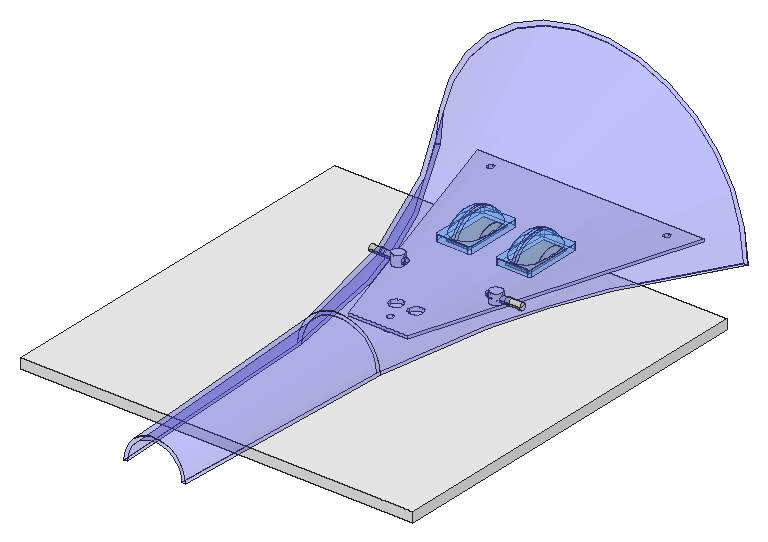
Revit family "BE_50133_de_DE", category Leuchten, Revit 2020
Family settings
  Basisbauteil = Fläche
  Bemaßung runder Anschluss = Durchmesser verwenden
  Teiletyp = Normal
  Beim Laden mit Abzugskörper schneiden = Ja
  Lichtquelle = Ja
  Gemeinsam genutzt = Nein
  Raumberechnungspunkt = Ja
Parameters (values of type "BEGA_50133_K3")
  built-in parameter 1150104 = 8.8258 (stored number, unit not read)
  Wattage = 32 W
  Default Elevation = 0 mm
  built-in parameter 1150113 = 1 (stored number, unit not read)
  built-in parameter 1114218 = 1 (stored number, unit not read)
  Umgebungstemperatur = "25 °C"
  URL = "https://www.bega.com/de/produkt/50133"
  Typenkommentare = "© 2022 BEGA. Wir behalten uns das Recht vor, technische Änderungen ohne vorherige Ankündigung vorzunehmen."  # constant formula
  built-in parameter 1150134 = (empty or 0)
  built-in parameter 1150109 = 1 (stored number, unit not read)
  Strom = ""
  built-in parameter 1150110 = 1 (stored number, unit not read)
  Spannung = 230 V
  Sonderanfertigung = no
  Seriennummer [instance] = "Hier können Sie die eindeutige Seriennummer für das Facility Management eintragen."
  Schutzklasse = "I"
  Schutzart = "IP 20"
  Scheinlast = 0 VA
  Produktdatenblatt = "https://cdn.bega.com/bega/products/50133K3/current/documents/data-sheets/de"
  Oberflächentemperatur = ""
  Neigungswinkel = 0.00°
  Modell = "50133K3"
  Material_17 = BEGA_Reflektor
  Material_15 = BEGA_Leuchtmedium_matt
  Material_12 = BEGA_Kunststoff_klar
  Material_11 = BEGA_Glas_opal
  Material_09 = BEGA_Glas_klar
  Material_06 = BEGA_Oberfläche_Edelstahl_gebürstet
  Material_05 = BEGA_Oberfläche_Aluminium Guss
  Material_03 = BEGA_Oberfläche_Weiss_matt
  Material_02 = BEGA_Oberfläche_Silber_matt
  Material_01 [instance] = BEGA_Oberfläche_Grafit_matt
  M_W = no
  M_G = no
  M_A = no
  Logo = 0
  built-in parameter 1114217 = 1 (stored number, unit not read)
  built-in parameter 1150139 = (empty or 0)
  built-in parameter 1150105 = 241.92 (stored number, unit not read)
  built-in parameter 1150114 = 1 (stored number, unit not read)
  Lumens = 3040 lm
  built-in parameter 1150115 = 1 (stored number, unit not read)
  Leuchtenlichtstrom = "2252 lm"
  Leuchtenanzahl = ""
  Lebensdauerkriterien = "L70B50 @ 25 °C = 79000 h"
  Lastklassifizierung = Beleuchtung
  built-in parameter 1150112 = 1 (stored number, unit not read)
  Lampenlichtstrom = "2640 lm"
  Lampe = "LED 28 W"
  LED_Modulbezeichnung = "2x LED-1246/930"
  Hersteller = "BEGA"  # constant formula
  Halbstreuwinkel = ""
  Gewicht = "1.85 kg"
  Gebrauchslageneinschränkung [instance] = ""
  Frequenz = "50/60 Hz"
  Farbwiedergabeindex = "CRI > 90"
  Farbtemperaturverschiebung bei Dämpfen der Lampe = <Keine Auswahl>
  Farbtemperatur = "3000 K"
  Color Filter = 16777215
  built-in parameter 1150133 = 10 (stored number, unit not read)
  Energieeffizienzklasse = "LED A++ - A"
  built-in parameter 1150137 = (empty or 0)
  built-in parameter 1150132 = (empty or 0)
  ENEC = "ja"
  Dimmbar [instance] = "Phasenan- oder -abschnittdimmer"
  Datei für fotometrisches Netz = "BE_50133K3.IES"
  CE_Konformität = "ja"
  Bestellnummer = "50133K3"
  Beschreibung_Sonderanfertigung = "Hier können Sie Informationen zur Sonderanfertigung eintragen."
  Beschreibung = "Wandleuchte"
  built-in parameter 1150106 = 2.4192 (stored number, unit not read)
  Befestigungsbohrung = "Ø 6,5 mm"
  Befestigungsabstand = "180 x 240 mm"
  Ballwurfsicher = ""
  BEGA_Intern_aus = yes
  BEGA_Intern_an = yes
  BEGA_Intern_Konstruktion = yes
  BEGA_Intern = yes
  BEGA_IES = yes
  BEGA_Dummy = no
  Anschlussleitung = ""
  Anschlussleistung [instance] = "28 W"
  Anschlusskasten = ""
  built-in parameter 1150107 = 3000 (stored number, unit not read)
  built-in parameter 1150102 = (empty or 0)
  built-in parameter 1150138 = (empty or 0)
  Aktualisierung = "2022-05-18T04:00:07"
  Abstand_zur_angestrahlten_Fläche [instance] = ""
  AC/DC = "AC"
Reference planes
  plane 1 "Mitte (Vorne/Hinten)": y = 0
  plane 2: z = 0
  plane 3 "Mitte (Links/Rechts)": x = 0
  plane 4 "Links": x = -159
  plane 5 "Rechts": x = 159
  plane 6 "Unten": y = -278.5
  plane 7 "Oben": y = 278.5
  plane 8 "Vorne": z = 159
  plane 9 "Hinten": z = 0
Forms (mm)
  Extrusion 1, solid, material "BEGA_Platte_Weiss"
    sketch origin (0, -1119.2, 0) x (1, 0, 0) y (0, 1, 0)
      loop
        line (-200, 1319.2) -> (-200, 919.2) -> (200, 919.2) -> (200, 1319.2) -> (-200, 1319.2)
    from 0 to -10
  Extrusion 2, solid, material "BEGA_Dummy_matt", visible <- "BEGA_Dummy"
    sketch origin (80.095, -76.023, 0) x (1, 0, 0) y (0, 1, 0)
      loop
        line (-239.095, 354.523) -> (-239.095, -202.477) -> (78.905, -202.477) -> (78.905, 354.523) -> (-239.095, 354.523)
    from 0 to 159
Dimensions and locks
  plane 1 "Mitte (Vorne/Hinten)" to Extrusion 1 = 200 mm
  aligned and locked: plane 2 to Extrusion 1
  aligned and locked: level to Extrusion 1
Nested families
  nested 1: "BE_50133" at (0, 0, 0), type "BE_50133"
Connectors
  electrical at (0, 0, 0), driven by "Lastklassifizierung", driven by "Spannung", driven by "Scheinlast"
    settings: index 1, voltage 230 V, apparent load 0 VA, apparent load phase1 0 VA, apparent load phase2 0 VA, apparent load phase3 0 VA, power factor 1, load classification "Beleuchtung", number of poles 1, system type 31, power factor state 1, is connector primary yes, connector utility no, sub classification motor no, connector description ""
Definition of nested family "BE_50133"
  Parameters (values of type "BE_50133")
    Default Elevation = 1 mm
    URL = "http://www.bega.de/de/produkt"
    Type Comments = "© 2015 BEGA. Wir behalten uns das Recht vor, technische Änderungen ohne vorherige Ankündigung vorzunehmen. "  # constant formula
    Type Image = (empty or 0)
    Neigungswinkel_um_Z2 = 0.00°
    Neigungswinkel_um_Z1 = 0.00°
    Neigungswinkel_um_Y2 = 0.00°
    Neigungswinkel_um_Y1 = 0.00°
    Neigungswinkel_um_X2 = 0.00°
    Neigungswinkel_um_X1 = 0.00°
    Material_17 = none
    Material_15 = none
    Material_12 = none
    Material_11 = none
    Material_09 = none
    Material_06 = none
    Material_05 = none
    Material_03 = none
    Material_02 = none
    Material_01 = none
    M_W = yes
    M_G = yes
    M_A = yes
    Länge_Platte = 500 mm  # constant formula
    Höhe_Platte = -10 mm  # constant formula
    Manufacturer = "BEGA"  # constant formula
    Drehwinkel_um_Z2 = 0.00°
    Drehwinkel_um_Z1 = 0.00°
    Breite_Platte = 700 mm  # constant formula
  Reference planes
    plane 1 "Mitte (Oben/Unten)": y = 0
    plane 2: z = 0
    plane 3 "Mitte (Links/Rechts)": x = 0
    plane 4: x = -159
    plane 5: z = 159
    plane 6: x = 159
    plane 7: y = -278.5
    plane 8: y = 278.5
  Forms (mm)
    Extrusion 1, solid, detail levels medium
      sketch origin (0, 0, 0) x (1, 0, 0) y (0, 1, 0)
        loop
          line (-250, 350) -> (-250, -350) -> (250, -350) -> (250, 350) -> (-250, 350)
      from 0 to -10 <- "Höhe_Platte"
    Revolve 2, solid, material <- "Material_11", detail levels medium+fine
      sketch origin (0, 0, 0) x (0, 1, 0) y (0, 0, 1)
        loop
          line (-278.5, 31.5) -> (-278.5, 27.5)
          arc (-278.5, 27.5) -> (-160.879, 30.14) -> (-43.496, 38.056) r 2621.17
          arc (-43.496, 38.056) -> (124.979, 75.358) -> (278.5, 154.139) r 675.28
          line (278.5, 154.139) -> (278.5, 159)
          arc (278.5, 159) -> (124.917, 79.589) -> (-43.855, 42.04) r 671.28
          arc (-43.855, 42.04) -> (-161.059, 34.136) -> (-278.5, 31.5) r 2617.17
        axis (278.5, 0) -> (-278.5, 0)
      angle from -90 to 90
    Revolve 3, solid, material <- "Material_12", detail levels medium+fine
      sketch origin (0, 169, 0) x (1, 0, 0) y (0, 0, 1)
        loop
          arc (27.707, 34.362) -> (20.338, 30.927) -> (15.721, 24.236) r 15.5
          arc (15.721, 24.236) -> (14.765, 20.767) -> (14.295, 17.2) r 26.073
          line (14.295, 17.2) -> (46.695, 17.2)
          arc (46.695, 17.2) -> (46.226, 20.767) -> (45.269, 24.236) r 26.073
          arc (45.269, 24.236) -> (40.652, 30.927) -> (33.284, 34.362) r 15.5
          arc (33.284, 34.362) -> (31.894, 34.54) -> (30.495, 34.6) r 16.458
          arc (30.495, 34.6) -> (29.096, 34.54) -> (27.707, 34.362) r 16.458
        axis (14.295, 3.6) -> (46.695, 3.6)
      angle from -90 to 90
    Extrusion 4, void
      sketch origin (0, 18.5, 0) x (0, 1, 0) y (0, 0, 1)
        loop
          line (181.95, 17.2) -> (116.409, 17.2) -> (116.409, -1.303) -> (181.95, -1.303) -> (181.95, 17.2)
      from 12.901 to 48.346
    Extrusion 5, solid, material <- "Material_12", detail levels medium+fine
      sketch origin (0, 0, 0) x (1, 0, 0) y (0, 1, 0)
        loop
          line (45.775, 198.714) -> (15.225, 198.714)
          arc (15.225, 198.714) -> (13.651, 198.154) -> (12.786, 196.726) r 2.489
          line (12.786, 196.726) -> (12.786, 141.275)
          arc (12.786, 141.275) -> (13.651, 139.846) -> (15.225, 139.286) r 2.489
          line (15.225, 139.286) -> (45.775, 139.286)
          arc (45.775, 139.286) -> (47.349, 139.846) -> (48.214, 141.275) r 2.489
          line (48.214, 141.275) -> (48.214, 196.726)
          arc (48.214, 196.726) -> (47.349, 198.154) -> (45.775, 198.714) r 2.489
      from 10.249 to 17.2
    Extrusion 6, solid, material <- "Material_03", detail levels medium+fine
      sketch origin (0, 0, 0) x (1, 0, 0) y (0, 1, 0)
        loop
          line (115, 276.5) -> (-115, 276.5) -> (-30, 6.5) -> (30, 6.5) -> (115, 276.5)
      from 6.994 to 10.249
    Extrusion 7, solid, material <- "Material_15", detail levels medium+fine
      sketch origin (0, 0, 0) x (1, 0, 0) y (0, 1, 0)
        loop
          line (-42, 192.8) -> (-42, 145.2) -> (-19, 145.2) -> (-19, 192.8) -> (-42, 192.8)
      from 10.249 to 12
    Extrusion 8, solid, material <- "Material_03", detail levels medium+fine
      sketch origin (0, 0, 0) x (1, 0, 0) y (0, 1, 0)
        loop
          circle (-90, 261.5) r 6
        loop
          circle (0, 21.5) r 6
        loop
          circle (90, 261.5) r 6
      from 0 to 8.2
    Extrusion 9, void
      sketch origin (0, 0, 0) x (1, 0, 0) y (0, 1, 0)
        loop
          circle (-90, 261.5) r 3.25
        loop
          circle (0, 21.5) r 3.25
        loop
          circle (-10, 41.5) r 7
        loop
          circle (10, 41.5) r 7
        loop
          circle (90, 261.5) r 3.25
      from 0 to 10.75
    Extrusion 10, solid, material <- "Material_03", detail levels medium+fine
      sketch origin (0, 0, 0) x (1, 0, 0) y (0, 1, 0)
        loop
          circle (50, 93.5) r 6
        loop
          circle (-50, 93.5) r 6
      from 9.627 to 20
    Revolve 11, void
      sketch origin (0, 0, 15) x (1, 0, 0) y (0, 1, 0)
        loop
          line (73.071, 97) -> (57.867, 97) -> (57.867, 93.5) -> (73.071, 93.5) -> (73.071, 97)
        axis (57.867, 93.5) -> (73.071, 93.5)
      angle from 0 to 360
    Revolve 12, solid, material <- "Material_06", detail levels fine
      sketch origin (0, 14, 15) x (1, 0, 0) y (0, 1, 0)
        loop
          line (77, 82.5) -> (44, 82.5) -> (43, 81.5) -> (40.764, 81.5)
          arc (40.764, 81.5) -> (40.197, 80.57) -> (40, 79.5) r 3
          line (40, 79.5) -> (77, 79.5) -> (77, 82.5)
        axis (40, 79.5) -> (77, 79.5)
      angle from 0 to 360
    Revolve 13, void
      sketch origin (0, 0, 15) x (-1, 0, 0) y (0, -1, 0)
        loop
          line (73.071, -97) -> (73.071, -93.5) -> (57.867, -93.5) -> (57.867, -97) -> (73.071, -97)
        axis (57.867, -93.5) -> (73.071, -93.5)
      angle from 0 to 360
    Revolve 14, solid, material <- "Material_06", detail levels fine
      sketch origin (0, 14, 15) x (-1, 0, 0) y (0, -1, 0)
        loop
          line (77, -82.5) -> (77, -79.5) -> (40, -79.5)
          arc (40, -79.5) -> (40.197, -80.57) -> (40.764, -81.5) r 3
          line (40.764, -81.5) -> (43, -81.5) -> (44, -82.5) -> (77, -82.5)
        axis (40, -79.5) -> (77, -79.5)
      angle from 0 to 360
    Revolve 15, solid, material <- "Material_12", detail levels medium+fine
      sketch origin (0, 169, 0) x (-1, 0, 0) y (0, 0, -1)
        loop
          arc (27.707, -34.362) -> (29.096, -34.54) -> (30.495, -34.6) r 16.458
          arc (30.495, -34.6) -> (31.894, -34.54) -> (33.284, -34.362) r 16.458
          arc (33.284, -34.362) -> (40.652, -30.927) -> (45.269, -24.236) r 15.5
          arc (45.269, -24.236) -> (46.226, -20.767) -> (46.695, -17.2) r 26.073
          line (46.695, -17.2) -> (14.295, -17.2)
          arc (14.295, -17.2) -> (14.765, -20.767) -> (15.721, -24.236) r 26.073
          arc (15.721, -24.236) -> (20.338, -30.927) -> (27.707, -34.362) r 15.5
        axis (14.295, -3.6) -> (46.695, -3.6)
      angle from -90 to 90
    Extrusion 16, void
      sketch origin (0, 18.5, 0) x (0, 1, 0) y (0, 0, -1)
        loop
          line (181.95, -17.2) -> (181.95, 1.303) -> (116.409, 1.303) -> (116.409, -17.2) -> (181.95, -17.2)
      from 12.901 to 48.346
    Extrusion 17, solid, material <- "Material_12", detail levels medium+fine
      sketch origin (0, 0, 0) x (-1, 0, 0) y (0, -1, 0)
        loop
          arc (45.775, -198.714) -> (47.349, -198.154) -> (48.214, -196.726) r 2.489
          line (48.214, -196.726) -> (48.214, -141.275)
          arc (48.214, -141.275) -> (47.349, -139.846) -> (45.775, -139.286) r 2.489
          line (45.775, -139.286) -> (15.225, -139.286)
          arc (15.225, -139.286) -> (13.651, -139.846) -> (12.786, -141.275) r 2.489
          line (12.786, -141.275) -> (12.786, -196.726)
          arc (12.786, -196.726) -> (13.651, -198.154) -> (15.225, -198.714) r 2.489
          line (15.225, -198.714) -> (45.775, -198.714)
      from 10.249 to 17.2
    Extrusion 18, solid, material <- "Material_15", detail levels medium+fine
      sketch origin (0, 0, 0) x (-1, 0, 0) y (0, -1, 0)
        loop
          line (-42, -192.8) -> (-19, -192.8) -> (-19, -145.2) -> (-42, -145.2) -> (-42, -192.8)
      from 10.249 to 12
  Cuts and joins
    Extrusion 4, Extrusion 9, Revolve 11, Revolve 13 cuts Revolve 2
    Extrusion 4, Extrusion 16 cuts Revolve 3
    Extrusion 16 cuts Extrusion 5
    joined: Revolve 3, Extrusion 5
    Extrusion 9 cuts Extrusion 6
    Extrusion 9, Extrusion 16 cuts Extrusion 8
    Extrusion 16 cuts Extrusion 10
    joined: Extrusion 6, Extrusion 8, Extrusion 10
    Extrusion 16 cuts Revolve 15
    joined: Revolve 15, Extrusion 17
  Dimensions and locks
    equal spacing: Extrusion 1 sketch curve, plane 3 "Mitte (Links/Rechts)", Extrusion 1 sketch curve
    equal spacing: Extrusion 1 sketch curve, plane 1 "Mitte (Oben/Unten)", Extrusion 1 sketch curve
    "Länge_Platte": Extrusion 1 sketch curve to Extrusion 1 sketch curve
    "Breite_Platte": Extrusion 1 sketch curve to Extrusion 1 sketch curve
    aligned and locked: Extrusion 1 to plane 2
    aligned and locked: level to Extrusion 1
  Automatic sketch dimensions
    Revolve 2 sketch curve to level = 0 mm
    plane 1 "Mitte (Oben/Unten)" to Revolve 2 sketch curve = 104.039 mm
    Revolve 2 sketch curve to Revolve 2 sketch curve = 0 mm  (x4)
    level to Revolve 2 sketch curve = 27.5 mm
    Revolve 2 sketch curve to Revolve 2 sketch curve = 4 mm
    Revolve 2 sketch curve to Revolve 2 sketch curve = 4.861 mm
    Revolve 2 sketch curve to Revolve 2 sketch curve = 1938.053 mm
    Revolve 2 sketch curve to plane 1 "Mitte (Oben/Unten)" = 81 mm
    Revolve 2 sketch curve to Revolve 2 sketch curve = 45 mm
    plane 3 "Mitte (Links/Rechts)" to Revolve 3 sketch curve = 14.295 mm
    Revolve 3 sketch curve to Revolve 3 sketch curve = 6.378 mm  (x2)
    Revolve 3 sketch curve to Revolve 3 sketch curve = 9.669 mm
    Revolve 3 sketch curve to Revolve 3 sketch curve = 0.153 mm
    Revolve 3 sketch curve to Revolve 3 sketch curve = 0.002 mm
    Revolve 3 sketch curve to Revolve 3 sketch curve = 0.307 mm
    Revolve 3 sketch curve to Revolve 3 sketch curve = 9.821 mm
    level to Revolve 3 sketch curve = 15.587 mm  (x2)
    Revolve 3 sketch curve to Revolve 3 sketch curve = 1.613 mm
    Revolve 3 sketch curve to Revolve 3 sketch curve = 2.555 mm
    Revolve 3 sketch curve to Revolve 3 sketch curve = 0 mm  (x5)
    Revolve 3 sketch curve to Revolve 3 sketch curve = 0.945 mm
    Revolve 3 sketch curve to Revolve 3 sketch curve = 1.426 mm  (x2)
    level to Revolve 3 sketch curve = 3.6 mm
    Revolve 3 sketch curve to Revolve 3 sketch curve = 3.409 mm
    Revolve 3 sketch curve to Revolve 3 sketch curve = 2.635 mm
    Revolve 3 sketch curve to Revolve 3 sketch curve = 2.788 mm
    Revolve 3 sketch curve to Revolve 3 sketch curve = 2.789 mm
    Revolve 3 sketch curve to Revolve 3 sketch curve = 0.725 mm
    level to Extrusion 4 sketch curve = 17.2 mm
    Extrusion 4 sketch curve to level = 1.303 mm
    plane 3 "Mitte (Links/Rechts)" to Extrusion 5 sketch curve = 12.786 mm
    Extrusion 5 sketch curve to Extrusion 5 sketch curve = 2.438 mm  (x3)
    Extrusion 5 sketch curve to Extrusion 5 sketch curve = 30.551 mm  (x2)
    Extrusion 5 sketch curve to Extrusion 5 sketch curve = 0 mm  (x12)
    Extrusion 5 sketch curve to Extrusion 5 sketch curve = 0.501 mm  (x4)
    Extrusion 6 sketch curve to plane 1 "Mitte (Oben/Unten)" = 6.5 mm
    Extrusion 6 sketch curve to plane 3 "Mitte (Links/Rechts)" = 30 mm
    plane 3 "Mitte (Links/Rechts)" to Extrusion 6 sketch curve = 30 mm
    Extrusion 7 sketch curve to plane 3 "Mitte (Links/Rechts)" = 42 mm
    Extrusion 7 sketch curve to plane 3 "Mitte (Links/Rechts)" = 19 mm
    Extrusion 8 sketch curve to plane 3 "Mitte (Links/Rechts)" = 0 mm
    Extrusion 8 sketch curve to plane 1 "Mitte (Oben/Unten)" = 21.5 mm
    Extrusion 9 sketch curve to plane 3 "Mitte (Links/Rechts)" = 0 mm
    Extrusion 9 sketch curve to plane 3 "Mitte (Links/Rechts)" = 10 mm
    plane 3 "Mitte (Links/Rechts)" to Extrusion 9 sketch curve = 10 mm
    Extrusion 9 sketch curve to plane 1 "Mitte (Oben/Unten)" = 21.5 mm
    Extrusion 9 sketch curve to Extrusion 9 sketch curve = 20 mm
    Extrusion 9 sketch curve to Extrusion 9 sketch curve = 0 mm  (x2)
    Extrusion 10 sketch curve to plane 3 "Mitte (Links/Rechts)" = 50 mm
    plane 3 "Mitte (Links/Rechts)" to Extrusion 10 sketch curve = 50 mm
    Extrusion 10 sketch curve to plane 1 "Mitte (Oben/Unten)" = 93.5 mm  (x2)
    plane 3 "Mitte (Links/Rechts)" to Revolve 11 sketch curve = 57.867 mm
    Revolve 11 sketch curve to Revolve 11 sketch curve = 15.204 mm
    Revolve 11 sketch curve to plane 1 "Mitte (Oben/Unten)" = 93.5 mm
    Revolve 11 sketch curve to Revolve 11 sketch curve = 3.5 mm
    Revolve 11 sketch curve to Revolve 11 sketch curve = 14.747 mm
    Revolve 11 sketch curve to Revolve 11 sketch curve = 5.253 mm
    Revolve 11 sketch curve to Revolve 11 sketch curve = 0 mm
    plane 3 "Mitte (Links/Rechts)" to Revolve 12 sketch curve = 40 mm
    Revolve 12 sketch curve to Revolve 12 sketch curve = 0.764 mm
    Revolve 12 sketch curve to Revolve 12 sketch curve = 2.236 mm
    Revolve 12 sketch curve to Revolve 12 sketch curve = 0 mm  (x2)
    Revolve 12 sketch curve to Revolve 12 sketch curve = 1 mm
    Revolve 12 sketch curve to Revolve 12 sketch curve = 33 mm
    Revolve 12 sketch curve to plane 1 "Mitte (Oben/Unten)" = 93.5 mm
    Revolve 12 sketch curve to Revolve 12 sketch curve = 3 mm
    Revolve 12 sketch curve to Revolve 12 sketch curve = 4.786 mm
    Revolve 12 sketch curve to Revolve 12 sketch curve = 7.3 mm
    Revolve 13 sketch curve to plane 3 "Mitte (Links/Rechts)" = 57.867 mm
    Revolve 13 sketch curve to Revolve 13 sketch curve = 15.204 mm
    Revolve 13 sketch curve to plane 1 "Mitte (Oben/Unten)" = 97 mm
    Revolve 13 sketch curve to Revolve 13 sketch curve = 3.5 mm
    Revolve 13 sketch curve to Revolve 13 sketch curve = 14.747 mm
    Revolve 13 sketch curve to Revolve 13 sketch curve = 5.253 mm
    Revolve 13 sketch curve to Revolve 13 sketch curve = 0 mm
    Revolve 14 sketch curve to plane 3 "Mitte (Links/Rechts)" = 40 mm
    Revolve 14 sketch curve to Revolve 14 sketch curve = 0.764 mm
    Revolve 14 sketch curve to Revolve 14 sketch curve = 2.236 mm
    Revolve 14 sketch curve to Revolve 14 sketch curve = 0 mm  (x2)
    Revolve 14 sketch curve to Revolve 14 sketch curve = 1 mm  (x2)
    Revolve 14 sketch curve to Revolve 14 sketch curve = 33 mm
    Revolve 14 sketch curve to plane 1 "Mitte (Oben/Unten)" = 96.5 mm
    Revolve 14 sketch curve to Revolve 14 sketch curve = 4.786 mm
    Revolve 14 sketch curve to Revolve 14 sketch curve = 7.3 mm
    Revolve 15 sketch curve to plane 3 "Mitte (Links/Rechts)" = 14.295 mm
    Revolve 15 sketch curve to Revolve 15 sketch curve = 6.378 mm  (x2)
    Revolve 15 sketch curve to Revolve 15 sketch curve = 9.669 mm
    Revolve 15 sketch curve to Revolve 15 sketch curve = 0.153 mm
    Revolve 15 sketch curve to Revolve 15 sketch curve = 0.002 mm
    Revolve 15 sketch curve to Revolve 15 sketch curve = 0.307 mm
    Revolve 15 sketch curve to Revolve 15 sketch curve = 9.821 mm
    level to Revolve 15 sketch curve = 19.087 mm
    Revolve 15 sketch curve to Revolve 15 sketch curve = 0 mm  (x5)
    Revolve 15 sketch curve to Revolve 15 sketch curve = 0.945 mm
    Revolve 15 sketch curve to Revolve 15 sketch curve = 1.887 mm
    Revolve 15 sketch curve to Revolve 15 sketch curve = 1.613 mm  (x2)
    Revolve 15 sketch curve to Revolve 15 sketch curve = 1.426 mm  (x2)
    level to Revolve 15 sketch curve = 3.6 mm
    Revolve 15 sketch curve to Revolve 15 sketch curve = 3.409 mm
    Revolve 15 sketch curve to Revolve 15 sketch curve = 2.635 mm
    Revolve 15 sketch curve to Revolve 15 sketch curve = 2.788 mm
    Revolve 15 sketch curve to Revolve 15 sketch curve = 2.789 mm
    Revolve 15 sketch curve to Revolve 15 sketch curve = 0.725 mm
    level to Extrusion 16 sketch curve = 17.2 mm
    Extrusion 16 sketch curve to level = 1.303 mm
    plane 3 "Mitte (Links/Rechts)" to Extrusion 17 sketch curve = 12.786 mm
    Extrusion 17 sketch curve to Extrusion 17 sketch curve = 2.438 mm  (x3)
    Extrusion 17 sketch curve to Extrusion 17 sketch curve = 30.551 mm  (x2)
    Extrusion 17 sketch curve to Extrusion 17 sketch curve = 0 mm  (x12)
    Extrusion 17 sketch curve to Extrusion 17 sketch curve = 0.501 mm  (x4)
    Extrusion 18 sketch curve to plane 3 "Mitte (Links/Rechts)" = 42 mm
    Extrusion 18 sketch curve to plane 3 "Mitte (Links/Rechts)" = 19 mm
    Extrusion 6 sketch curve to plane 3 "Mitte (Links/Rechts)" = 115 mm
    Extrusion 8 sketch curve to plane 3 "Mitte (Links/Rechts)" = 90 mm
    Extrusion 9 sketch curve to plane 3 "Mitte (Links/Rechts)" = 90 mm
    plane 3 "Mitte (Links/Rechts)" to Extrusion 6 sketch curve = 115 mm
    plane 3 "Mitte (Links/Rechts)" to Extrusion 8 sketch curve = 90 mm
    plane 3 "Mitte (Links/Rechts)" to Extrusion 9 sketch curve = 90 mm
    level to Revolve 2 sketch curve = 154.139 mm
    Revolve 2 sketch curve to Revolve 2 sketch curve = 551.617 mm
    Revolve 2 sketch curve to Revolve 2 sketch curve = 152.5 mm
    Extrusion 4 sketch curve to plane 1 "Mitte (Oben/Unten)" = 134.909 mm
    Extrusion 4 sketch curve to Extrusion 4 sketch curve = 65.541 mm
    Extrusion 5 sketch curve to plane 1 "Mitte (Oben/Unten)" = 141.275 mm
    Extrusion 5 sketch curve to Extrusion 5 sketch curve = 54.449 mm
    Extrusion 6 sketch curve to plane 1 "Mitte (Oben/Unten)" = 276.5 mm
    Extrusion 7 sketch curve to plane 1 "Mitte (Oben/Unten)" = 145.2 mm
    Extrusion 7 sketch curve to Extrusion 7 sketch curve = 47.6 mm
    Extrusion 8 sketch curve to Extrusion 8 sketch curve = 240 mm
    Extrusion 8 sketch curve to Extrusion 8 sketch curve = 0 mm
    Extrusion 9 sketch curve to Extrusion 9 sketch curve = 220 mm
    Extrusion 16 sketch curve to plane 1 "Mitte (Oben/Unten)" = 134.909 mm
    Extrusion 16 sketch curve to Extrusion 16 sketch curve = 65.541 mm
    plane 1 "Mitte (Oben/Unten)" to Extrusion 17 sketch curve = 141.275 mm
    Extrusion 17 sketch curve to Extrusion 17 sketch curve = 54.449 mm
    plane 1 "Mitte (Oben/Unten)" to Extrusion 18 sketch curve = 145.2 mm
    Extrusion 18 sketch curve to Extrusion 18 sketch curve = 47.6 mm
    plane 1 "Mitte (Oben/Unten)" to Revolve 2 sketch curve = 278.5 mm
    radius of Extrusion 8 sketch curve = 6 mm  (x3)
    radius of Extrusion 9 sketch curve = 3.25 mm  (x3)
    radius of Extrusion 9 sketch curve = 7 mm  (x2)
    radius of Extrusion 10 sketch curve = 6 mm  (x2)
